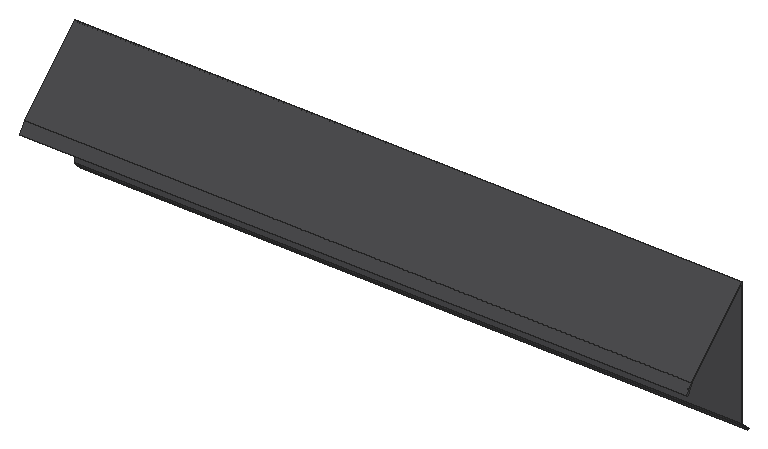
Revit family "BIMLIB_ПланкаКонькаОдноскатнойКровли_GRANDLINE", category Обобщенные модели, Revit 2017
Family settings
  Может служить основой для арматурных стержней = Нет
  Размер круглого соединителя = Использовать диаметр
  Тип детали = Нормальный
  При загрузке вырезать с полостями = Нет
  Общий = Нет
  Точка расчета площади = Нет
Parameters (values of type "Планка конька односкатной")
  Смещение = 0 mm
  Профиль_Угол [instance] = 45.00°
  Описание = ADSK_Наименование  # "Планка конька односкатной кровли 160х160"
  Изготовитель = [ADSK_Завод-изготовитель]  # "Grand Line"
  built-in parameter 1001306 [instance] = 1200 mm
  Watermark [instance] = "Модели защищены уникальным кодом"
  URL = "https://www.grandline.ru"
  BL_Разработано = "support@bimlib.pro"
  BL_Email = "info@grandline.ru"
  BL_BIM library = "https://bimlib.pro/manufacturer/company/22430"
  ADSK_Размер_Длина [instance] = [built-in parameter 1001306]  # 1200 mm
  ADSK_Обозначение = "ГОСТ 19904-90, ГОСТ 14918-80"
  ADSK_Наименование = "Планка конька односкатной кровли 160х160"
  ADSK_Материал тип подсчета = 1  # constant formula
  ADSK_Материал = GL_Сталь_RAL9005
  ADSK_Масса_Текст [instance] = ""
  ADSK_Масса [instance] = 0
  ADSK_Марка = ""
  ADSK_Количество [instance] = if(ADSK_Материал тип подсчета = 0, 1, if(ADSK_Материал тип подсчета = 1, ADSK_Размер_Длина / 1000 mm, 0))  # 1.2
  ADSK_Код изделия = "М.15.025.007"  # constant formula
  ADSK_Завод-изготовитель = "Grand Line"  # constant formula
  ADSK_Единица измерения = "м"  # constant formula
  ADSK_Группирование = "Доборные элементы"  # constant formula
  ADSK_Версия Revit = "2017"  # constant formula
  ADSK_URL страницы изделия = ""
  ADSK_URL документации изделия = ""
Reference planes
  plane 1 "По центру (Вперед/Назад)": y = 0
  plane 2: z = 0
  plane 3 "Слева": x = 0
  plane 4 "Справа": x = 1200
Forms (mm)
  Sweep 1, solid, material "GL_Сталь_RAL9005" <- "ADSK_Материал"
    path in 3D
      loop
        line (0, 0, 0) -> (1200, 0, 0)
    profile "Профиль_ПланкаКонькаОдноскатная : Профиль_ПланкаКонькаОдноскатная" origin (600, 0, 0) x (0, 1, 0) y (0, 0, 1)
      loop
        line (0.8, 1.143) -> (-112.337, -111.995) -> (-122.337, -129.315) -> (-120.951, -130.115) -> (-115.951, -121.455) -> (-116.644, -121.055) -> (-111.697, -112.486) -> (0, -0.789) -> (0, -228.864) -> (7.305, -236.169) -> (6.74, -236.735) -> (13.811, -243.806) -> (14.942, -242.675) -> (0.8, -228.533) -> (0.8, 1.143)
Lines and regions (mm)
  reference lines
    curve 1: line (0, 0, 0) -> (1200, 0, 0)
  sketch lines
    curve 2: line (0, 0, 0) -> (1200, 0, 0)
Dimensions and locks
  "built-in parameter 1001306": plane 3 "Слева" to plane 4 "Справа"
  aligned and locked: plane 4 "Справа" to curve 1
  aligned and locked: plane 1 "По центру (Вперед/Назад)" to curve 1
  aligned and locked: plane 3 "Слева" to curve 1
  aligned and locked: level to plane 2
